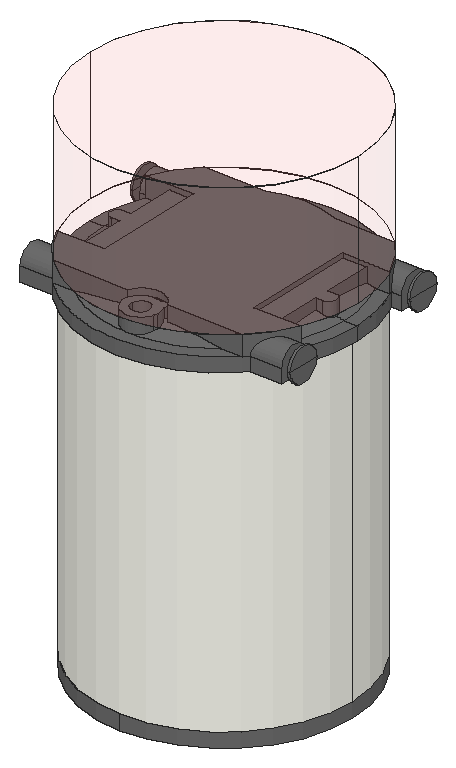
Revit family (continued)
Definition of nested family "Cooling_Plant_Accessories-Calmac-IceBank-Lid_C-75"
  Dimensions and locks (in)
    aligned and locked: curve 125 to cut or joined group of Revolve 1, Extrusion 2, Extrusion 4
    aligned and locked: curve 126 to cut or joined group of Revolve 1, Extrusion 2, Extrusion 4
    aligned and locked: curve 127 to cut or joined group of Revolve 1, Extrusion 2, Extrusion 4
    aligned and locked: curve 128 to cut or joined group of Revolve 1, Extrusion 2, Extrusion 4
    aligned and locked: curve 129 to cut or joined group of Revolve 1, Extrusion 2, Extrusion 4
    aligned and locked: curve 130 to Extrusion 5
    aligned and locked: curve 131 to Extrusion 5
    aligned and locked: curve 132 to Extrusion 5
    aligned and locked: curve 133 to Extrusion 5
    aligned and locked: curve 134 to Extrusion 5
    aligned and locked: curve 135 to Extrusion 5
    aligned and locked: curve 136 to Extrusion 5
    aligned and locked: curve 137 to Extrusion 5
    aligned and locked: curve 138 to cut or joined group of Revolve 1, Extrusion 2, Extrusion 4
    aligned and locked: curve 139 to cut or joined group of Revolve 1, Extrusion 2, Extrusion 4
    aligned and locked: curve 140 to curve 138
    aligned and locked: curve 141 to curve 139
    aligned and locked: curve 142 to curve 128
    aligned and locked: curve 143 to curve 127
    aligned and locked: curve 144 to cut or joined group of Revolve 1, Extrusion 2, Extrusion 4
    aligned and locked: curve 145 to cut or joined group of Revolve 1, Extrusion 2, Extrusion 4
    aligned and locked: curve 146 to cut or joined group of Revolve 1, Extrusion 2, Extrusion 4
    aligned and locked: curve 147 to cut or joined group of Revolve 1, Extrusion 2, Extrusion 4
    aligned and locked: curve 148 to cut or joined group of Revolve 1, Extrusion 2, Extrusion 4
    aligned and locked: curve 149 to cut or joined group of Revolve 1, Extrusion 2, Extrusion 4
    aligned and locked: curve 150 to cut or joined group of Revolve 1, Extrusion 2, Extrusion 4
    aligned and locked: cut or joined group of Revolve 1, Extrusion 2, Extrusion 4 to curve 151
    aligned and locked: curve 152 to cut or joined group of Revolve 1, Extrusion 2, Extrusion 4
    aligned and locked: curve 153 to cut or joined group of Revolve 1, Extrusion 2, Extrusion 4
    aligned and locked: curve 154 to cut or joined group of Revolve 1, Extrusion 2, Extrusion 4
    aligned and locked: curve 155 to cut or joined group of Revolve 1, Extrusion 2, Extrusion 4
    aligned and locked: curve 156 to cut or joined group of Revolve 1, Extrusion 2, Extrusion 4
    aligned and locked: curve 157 to cut or joined group of Revolve 1, Extrusion 2, Extrusion 4
    aligned and locked: curve 158 to cut or joined group of Revolve 1, Extrusion 2, Extrusion 4
    aligned and locked: cut or joined group of Revolve 1, Extrusion 2, Extrusion 4 to curve 159
    aligned and locked: curve 160 to cut or joined group of Revolve 1, Extrusion 2, Extrusion 4
    aligned and locked: curve 161 to cut or joined group of Revolve 1, Extrusion 2, Extrusion 4
    aligned and locked: curve 162 to cut or joined group of Revolve 1, Extrusion 2, Extrusion 4
    aligned and locked: cut or joined group of Revolve 1, Extrusion 2, Extrusion 4 to curve 163
    aligned and locked: curve 164 to cut or joined group of Revolve 1, Extrusion 2, Extrusion 4
    aligned and locked: cut or joined group of Revolve 1, Extrusion 2, Extrusion 4 to curve 165
    aligned and locked: curve 166 to cut or joined group of Revolve 1, Extrusion 2, Extrusion 4
    aligned and locked: cut or joined group of Revolve 1, Extrusion 2, Extrusion 4 to curve 167
    aligned and locked: curve 168 to cut or joined group of Revolve 1, Extrusion 2, Extrusion 4
    aligned and locked: curve 169 to cut or joined group of Revolve 1, Extrusion 2, Extrusion 4
    aligned and locked: curve 170 to cut or joined group of Revolve 1, Extrusion 2, Extrusion 4
    aligned and locked: curve 171 to cut or joined group of Revolve 1, Extrusion 2, Extrusion 4
    aligned and locked: curve 172 to cut or joined group of Revolve 1, Extrusion 2, Extrusion 4
    aligned and locked: curve 173 to cut or joined group of Revolve 1, Extrusion 2, Extrusion 4
    aligned and locked: curve 174 to cut or joined group of Revolve 1, Extrusion 2, Extrusion 4
    aligned and locked: curve 175 to cut or joined group of Revolve 1, Extrusion 2, Extrusion 4
    aligned and locked: cut or joined group of Revolve 1, Extrusion 2, Extrusion 4 to curve 176
    aligned and locked: cut or joined group of Revolve 1, Extrusion 2, Extrusion 4 to curve 177
    aligned and locked: cut or joined group of Revolve 1, Extrusion 2, Extrusion 4 to curve 178
    aligned and locked: cut or joined group of Revolve 1, Extrusion 2, Extrusion 4 to curve 179
    aligned and locked: cut or joined group of Revolve 1, Extrusion 2, Extrusion 4 to curve 180
    aligned and locked: cut or joined group of Revolve 1, Extrusion 2, Extrusion 4 to curve 181
    aligned and locked: cut or joined group of Revolve 1, Extrusion 2, Extrusion 4 to curve 182
    aligned and locked: cut or joined group of Revolve 1, Extrusion 2, Extrusion 4 to curve 183
    aligned and locked: Masking region 3 sketch curve to curve 140  (x2)
    aligned and locked: Masking region 3 sketch curve to curve 141
    aligned and locked: nested 1 to plane 6 "Back Connector Center"
    aligned: nested 1 to plane 45 "Connection Sleeve Right"
    aligned and locked: plane 16 "Fron Connector Center" to nested 2
    aligned: nested 2 to plane 45 "Connection Sleeve Right"
    aligned: nested 3 to plane 44 "Connection Sleeve Left"
    aligned and locked: nested 3 to plane 16 "Fron Connector Center"
    aligned: nested 4 to plane 44 "Connection Sleeve Left"
    aligned and locked: plane 6 "Back Connector Center" to nested 4
    aligned: plane 42 "Connector Center(Elevation)" to nested 4
    aligned: plane 42 "Connector Center(Elevation)" to nested 3
    aligned: plane 42 "Connector Center(Elevation)" to nested 1
    aligned: plane 42 "Connector Center(Elevation)" to nested 2
    aligned and locked: plane 34 "Right" to curve 184
    aligned and locked: plane 26 "Left" to curve 184
    aligned and locked: plane 1 "Center (Front/Back)" to curve 184
    aligned and locked: curve 163 to plane 41 "Top"
    aligned and locked: plane 4 "Back" to curve 185
    aligned and locked: plane 14 "Front" to curve 185
    aligned and locked: plane 3 "Center (Left/Right)" to curve 185
    aligned and locked: plane 41 "Top" to curve 183
    aligned and locked: plane 41 "Top" to curve 186
    aligned and locked: curve 186 to plane 3 "Center (Left/Right)"
    aligned and locked: plane 2 "Bottom" to curve 186
    aligned and locked: plane 1 "Center (Front/Back)" to curve 186
    aligned and locked: Masking region 3 sketch curve to plane 5 "Back Connector Back"
    aligned and locked: plane 45 "Connection Sleeve Right" to Masking region 3 sketch curve
    aligned and locked: Masking region 3 sketch curve to plane 45 "Connection Sleeve Right"
    aligned and locked: Extrusion 3 to Masking region 3 sketch curve
    aligned and locked: Masking region 3 sketch curve to plane 15 "Front Connection Front"  (x2)
    aligned and locked: plane 44 "Connection Sleeve Left" to Masking region 3 sketch curve
    aligned and locked: Masking region 3 sketch curve to plane 44 "Connection Sleeve Left"
    aligned and locked: plane 5 "Back Connector Back" to Masking region 3 sketch curve
    aligned: plane 3 "Center (Left/Right)" to nested 5
    aligned and locked: plane 1 "Center (Front/Back)" to nested 5
    aligned: plane 58 "T.O. Clearance Box" to nested 5  (x2)
    aligned: plane 41 "Top" to nested 5
    aligned and locked: nested 2 to plane 59 "Right Connector Face"
    aligned and locked: nested 1 to plane 59 "Right Connector Face"
    aligned and locked: nested 3 to plane 60 "Left Connector Face"
    aligned and locked: nested 4 to plane 60 "Left Connector Face"
    aligned and locked: plane 62 "Sleeve Right" to Extrusion 3
    aligned and locked: plane 61 "Sleeve Left" to Extrusion 3
    aligned and locked: Masking region 3 sketch curve to plane 61 "Sleeve Left"
    aligned and locked: plane 7 "Back Connector Front" to Masking region 3 sketch curve
    aligned and locked: Masking region 3 sketch curve to plane 17 "Front Connector Back"  (x2)
    aligned and locked: plane 61 "Sleeve Left" to Masking region 3 sketch curve
    aligned and locked: plane 62 "Sleeve Right" to Masking region 3 sketch curve
    aligned and locked: Masking region 3 sketch curve to plane 62 "Sleeve Right"
    aligned and locked: Masking region 3 sketch curve to plane 7 "Back Connector Front"
    aligned and locked: plane 42 "Connector Center(Elevation)" to curve 103
    aligned and locked: plane 54 "Right Tunnel Ref" to curve 104
    aligned and locked: curve 105 to plane 55 "Left Tunnel Ref"
    aligned and locked: plane 45 "Connection Sleeve Right" to curve 114
    aligned and locked: plane 41 "Top" to curve 176
    aligned and locked: plane 42 "Connector Center(Elevation)" to curve 176
    aligned and locked: plane 42 "Connector Center(Elevation)" to curve 158
    aligned and locked: plane 41 "Top" to curve 182
    aligned and locked: plane 42 "Connector Center(Elevation)" to curve 177
    aligned and locked: plane 41 "Top" to curve 177
    aligned and locked: plane 41 "Top" to curve 178
    aligned and locked: plane 42 "Connector Center(Elevation)" to curve 178
    aligned and locked: plane 42 "Connector Center(Elevation)" to curve 144
    aligned and locked: plane 41 "Top" to curve 180
    aligned and locked: plane 41 "Top" to curve 179
    aligned and locked: plane 42 "Connector Center(Elevation)" to curve 179
    aligned and locked: plane 41 "Top" to curve 181
    aligned and locked: plane 42 "Connector Center(Elevation)" to curve 181
    aligned and locked: nested 5 to plane 41 "Top"
    aligned and locked: plane 58 "T.O. Clearance Box" to nested 5
    aligned and locked: plane 42 "Connector Center(Elevation)" to nested 1
    aligned and locked: plane 42 "Connector Center(Elevation)" to nested 2
    aligned and locked: plane 42 "Connector Center(Elevation)" to nested 4
    aligned and locked: plane 42 "Connector Center(Elevation)" to nested 3
  Automatic sketch dimensions
    Extrusion 4 sketch curve to plane 9 "Rigging Back" = 0' - 0"
    plane 40 "Top Right" to Extrusion 2 sketch curve = 0' - 4.0663"
    plane 3 "Center (Left/Right)" to Extrusion 2 sketch curve = 0' - 0.00163"
    plane 24 "Pad Eye Front Center" to Extrusion 2 sketch curve = 0' - 0.19621"
    plane 10 "Rigging Loop Back" to Extrusion 2 sketch curve = 0' - 1.54805"
    Extrusion 2 sketch curve to Extrusion 2 sketch curve = 0' - 0"  (x2)
    plane 36 "Right Rigging Loop Right" to Extrusion 2 sketch curve = 0' - 4.88399"
    plane 24 "Pad Eye Front Center" to Extrusion 5 sketch curve = 0' - 0.02333"
    plane 24 "Pad Eye Front Center" to Extrusion 5 sketch curve = 0' - 0.02277"
    Extrusion 5 sketch curve to Extrusion 5 sketch curve = 0' - 0.36824"
    Extrusion 5 sketch curve to Extrusion 5 sketch curve = 0' - 0.36835"
    Extrusion 5 sketch curve to Extrusion 5 sketch curve = 0' - 0"  (x2)
    Masking region 3 sketch curve to Masking region 3 sketch curve = 0' - 0"  (x2)
    Masking region 3 sketch curve to plane 44 "Connection Sleeve Left" = 0' - 0"
    Masking region 3 sketch curve to Masking region 3 sketch curve = 0' - 0.43383"
    curve 112 to plane 43 "Connector Channel Top" = 0' - 0"
    curve 120 to level = 0' - 0"
    curve 113 to level = 0' - 0"
    curve 117 to level = 0' - 0"
    curve 114 to level = 0' - 0"
    curve 104 to plane 41 "Top" = 0' - 0"
    curve 109 to plane 41 "Top" = 0' - 0"
    curve 108 to plane 41 "Top" = 0' - 0"
    curve 105 to plane 41 "Top" = 0' - 0"
    curve 109 to curve 112 = 0' - 0.56869"
    plane 3 "Center (Left/Right)" to curve 115 = 0' - 0"
    curve 112 to curve 108 = 0' - 0.57194"
    plane 36 "Right Rigging Loop Right" to curve 116 = 0' - 0.0067"
    plane 42 "Connector Center(Elevation)" to curve 116 = 0' - 0.04774"
    curve 111 to curve 108 = 0' - 0.56061"
    plane 41 "Top" to curve 115 = 0' - 8.77139"
    curve 50 to plane 47 "Bolt Inset Right" = 0' - 0"
    curve 49 to plane 3 "Center (Left/Right)" = 0' - 0"
    curve 125 to plane 8 "Piping Back" = 0' - 0"
    plane 19 "Rigging Front" to curve 129 = 0' - 0"
    plane 4 "Back" to curve 50 = 0' - 0"
    plane 49 "Bolt Inset Center" to curve 49 = 0' - 0"
    plane 34 "Right" to curve 68 = 0' - 0.05975"
    plane 34 "Right" to curve 71 = 0' - 0.05975"
    plane 33 "Right Connection" to curve 69 = 0' - 0.05346"
    plane 33 "Right Connection" to curve 67 = 0' - 0.05346"
    plane 52 "Right Side Chanel" to curve 71 = 0' - 0.58177"
    plane 52 "Right Side Chanel" to curve 66 = 0' - 0.58177"
    plane 52 "Right Side Chanel" to curve 66 = 0' - 0.71351"
    plane 52 "Right Side Chanel" to curve 70 = 0' - 0.71351"
    plane 52 "Right Side Chanel" to curve 74 = 0' - 0.72576"
    plane 52 "Right Side Chanel" to curve 99 = 0' - 0.72576"
    plane 52 "Right Side Chanel" to curve 69 = 0' - 0.84524"
    plane 52 "Right Side Chanel" to curve 67 = 0' - 0.84524"
    curve 72 to plane 57 "Right Tunnel Ref Center" = 0' - 0.39515"
    curve 62 to plane 57 "Right Tunnel Ref Center" = 0' - 0.35589"
    plane 35 "Lid Inset Right" to curve 99 = 0' - 0.20973"
    plane 35 "Lid Inset Right" to curve 74 = 0' - 0.20973"
    curve 99 to curve 60 = 0' - 0.00797"
    plane 35 "Lid Inset Right" to curve 60 = 0' - 0.4131"
    plane 35 "Lid Inset Right" to curve 73 = 0' - 0.58321"
    curve 60 to curve 61 = 0' - 0.19232"
    plane 35 "Lid Inset Right" to curve 73 = 0' - 0.95668"
    curve 61 to plane 51 "Top Right Inset" = 0' - 0.97408"
    plane 21 "Top Front Edge" to curve 97 = 0' - 0.02024"
    plane 46 "Right Center" to curve 97 = 0' - 0.08642"
    plane 46 "Right Center" to curve 65 = 0' - 0.10857"
    plane 8 "Piping Back" to curve 64 = 0' - 0.58462"
    plane 46 "Right Center" to curve 64 = 0' - 1.33334"
    plane 18 "Piping Front" to curve 97 = 0' - 0.54429"
    plane 46 "Right Center" to curve 97 = 0' - 1.33764"
    plane 46 "Right Center" to curve 63 = 0' - 1.63906"
    curve 98 to plane 24 "Pad Eye Front Center" = 0' - 0.7003"
    plane 46 "Right Center" to curve 98 = 0' - 1.64225"
    curve 96 to plane 23 "Pad Eye Hole" = 0' - 0.03387"
    curve 96 to curve 96 = 0' - 0.77791"
    curve 64 to curve 64 = 0' - 0.79088"
    plane 21 "Top Front Edge" to curve 98 = 0' - 0 5/16"
    curve 64 to plane 39 "Right Rigging Left" = 0' - 0.70964"
    curve 93 to plane 22 "Front Inset" = 0' - 1.49486"
    curve 93 to plane 40 "Top Right" = 0' - 3.68687"
    plane 49 "Bolt Inset Center" to curve 53 = 0' - 0.44475"
    curve 53 to plane 40 "Top Right" = 0' - 3.66499"
    plane 22 "Front Inset" to curve 93 = 0' - 0.38295"
    curve 93 to curve 93 = 0' - 0.66239"
    plane 12 "Back Inset" to curve 53 = 0' - 0.51617"
    curve 53 to curve 53 = 0' - 0.66892"
    plane 22 "Front Inset" to curve 94 = 0' - 0.0503"
    curve 93 to curve 94 = 0' - 0.94305"
    plane 12 "Back Inset" to curve 52 = 0' - 0.18178"
    curve 53 to curve 52 = 0' - 0.94262"
    curve 95 to plane 40 "Top Right" = 0' - 1 205/256"
    curve 51 to plane 49 "Bolt Inset Center" = 0' - 0.21117"
    curve 51 to plane 40 "Top Right" = 0' - 1.7752"
    curve 94 to plane 22 "Front Inset" = 0' - 0.28236"
    curve 51 to plane 12 "Back Inset" = 0' - 0.1526"
    curve 165 to curve 132 = 0' - 1.92013"
    curve 126 to plane 18 "Piping Front" = 0' - 0.51914"  (x2)
    curve 164 to curve 163 = 0' - 0.30497"
    curve 173 to curve 125 = 0' - 1.35639"
    curve 55 to plane 12 "Back Inset" = 0' - 0.20247"
    curve 55 to plane 32 "Top Left" = 0' - 1.1267"
    curve 88 to plane 22 "Front Inset" = 0' - 0.28236"
    curve 88 to plane 32 "Top Left" = 0' - 1.13838"
    curve 56 to plane 49 "Bolt Inset Center" = 0' - 0.27827"
    curve 56 to plane 32 "Top Left" = 0' - 1.78316"
    curve 89 to plane 32 "Top Left" = 0' - 1.81788"
    plane 12 "Back Inset" to curve 55 = 0' - 0.12568"
    curve 55 to curve 55 = 0' - 0.9448"
    plane 22 "Front Inset" to curve 88 = 0' - 0.0503"
    curve 88 to curve 88 = 0' - 0.94305"
    plane 12 "Back Inset" to curve 54 = 0' - 0.45384"
    plane 22 "Front Inset" to curve 87 = 0' - 0.38295"
    plane 49 "Bolt Inset Center" to curve 54 = 0' - 0.39092"
    curve 54 to curve 54 = 0' - 0.65198"
    curve 87 to plane 22 "Front Inset" = 0' - 1.54109"
    curve 89 to curve 87 = 0' - 1.8853"
    curve 59 to plane 31 "Left Rigging Right" = 0' - 0.73306"
    plane 21 "Top Front Edge" to curve 85 = 0' - 0 5/16"
    curve 85 to plane 31 "Left Rigging Right" = 0' - 0.73601"
    curve 85 to plane 23 "Pad Eye Hole" = 0' - 0.03387"
    curve 85 to curve 85 = 0' - 0.77791"
    curve 58 to curve 58 = 0' - 0.80477"  (x2)
    curve 59 to plane 31 "Left Rigging Right" = 0' - 1.92107"
    curve 86 to plane 24 "Pad Eye Front Center" = 0' - 0.7403"
    curve 86 to plane 31 "Left Rigging Right" = 0' - 2 5/256"
    plane 18 "Piping Front" to curve 85 = 0' - 0.54429"
    plane 8 "Piping Back" to curve 58 = 0' - 0.67433"
    curve 58 to curve 57 = 0' - 1.17992"
    curve 84 to plane 21 "Top Front Edge" = 0' - 0.0179"
    curve 86 to curve 84 = 0' - 1.55432"
    plane 27 "Left Lip Inset" to curve 76 = 0' - 0.96143"
    curve 101 to plane 19 "Rigging Front" = 0' - 0.45769"
    plane 27 "Left Lip Inset" to curve 101 = 0' - 0.96143"
    curve 100 to curve 161 = 0' - 0.21853"
    plane 27 "Left Lip Inset" to curve 101 = 0' - 0.58796"
    plane 27 "Left Lip Inset" to curve 76 = 0' - 0.58796"
    plane 27 "Left Lip Inset" to curve 102 = 0' - 0.21448"
    plane 27 "Left Lip Inset" to curve 76 = 0' - 0.21448"
    curve 75 to plane 56 "Left Tunnel Ref Center" = 0' - 0.3904"
    curve 100 to plane 19 "Rigging Front" = 0' - 0.01575"
    curve 100 to plane 56 "Left Tunnel Ref Center" = 0' - 0.3904"
    plane 53 "Left Side Channel" to curve 83 = 0' - 0.84999"
    plane 53 "Left Side Channel" to curve 79 = 0' - 0.84999"
    plane 53 "Left Side Channel" to curve 77 = 0' - 0.73051"
    plane 53 "Left Side Channel" to curve 102 = 0' - 0.73051"
    plane 53 "Left Side Channel" to curve 79 = 0' - 0.71826"
    plane 53 "Left Side Channel" to curve 82 = 0' - 0.71826"
    plane 53 "Left Side Channel" to curve 80 = 0' - 0.58652"
    plane 53 "Left Side Channel" to curve 82 = 0' - 0.58652"
    plane 25 "Left Connection" to curve 78 = 0' - 0.05821"
    plane 25 "Left Connection" to curve 83 = 0' - 0.05821"
    plane 26 "Left" to curve 80 = 0' - 0.0645"
    plane 26 "Left" to curve 81 = 0' - 0.0645"
    plane 4 "Back" to curve 48 = 0' - 0.01364"
    curve 59 to curve 57 = 0' - 2.79764"
    curve 63 to curve 64 = 0' - 2.87284"
    curve 57 to curve 58 = 0' - 1.59891"
    curve 65 to curve 65 = 0' - 1.58211"
    plane 8 "Piping Back" to curve 58 = 0' - 1.86209"
    plane 8 "Piping Back" to curve 64 = 0' - 1.80912"
    curve 72 to plane 9 "Rigging Back" = 0' - 0.53489"
    curve 75 to plane 9 "Rigging Back" = 0' - 0.53489"
    curve 72 to plane 9 "Rigging Back" = 0' - 1.27856"
    curve 75 to plane 9 "Rigging Back" = 0' - 1.27856"
    curve 72 to curve 73 = 0' - 0.92764"
    curve 75 to curve 76 = 0' - 0.92764"
    curve 77 to curve 76 = 0' - 0.74367"
    curve 74 to curve 73 = 0' - 0.74367"
    plane 10 "Rigging Loop Back" to curve 69 = 0' - 3.7979"
    plane 10 "Rigging Loop Back" to curve 78 = 0' - 3.7979"
    curve 69 to curve 69 = 0' - 0.26232"
    curve 78 to curve 79 = 0' - 0.26232"
    curve 69 to curve 70 = 0' - 0.99128"
    curve 78 to curve 79 = 0' - 0.99128"
    plane 10 "Rigging Loop Back" to curve 71 = 0' - 1.81533"
    plane 10 "Rigging Loop Back" to curve 80 = 0' - 1.81533"
    plane 20 "Rigging Loop Front" to curve 68 = 0' - 1.55302"
    plane 20 "Rigging Loop Front" to curve 82 = 0' - 1.55302"
    plane 20 "Rigging Loop Front" to curve 81 = 0' - 1.81533"
    plane 20 "Rigging Loop Front" to curve 68 = 0' - 1.81533"
    curve 66 to curve 66 = 0' - 0.99128"
    curve 81 to curve 82 = 0' - 0.99128"
    curve 66 to curve 67 = 0' - 0.26232"
    curve 83 to curve 83 = 0' - 0.26232"
    curve 99 to plane 19 "Rigging Front" = 0' - 3.13384"
    curve 99 to curve 61 = 0' - 0.01104"
    curve 60 to curve 60 = 0' - 0.69763"
    curve 99 to curve 99 = 0' - 0.74367"
    curve 102 to curve 100 = 0' - 1.85528"
    curve 60 to curve 61 = 0' - 0.22433"
    curve 102 to plane 19 "Rigging Front" = 0' - 1.87103"
    curve 62 to plane 19 "Rigging Front" = 0' - 0.50327"
    plane 14 "Front" to curve 92 = 0' - 1.8675"
    plane 14 "Front" to curve 95 = 0' - 1.65483"
    plane 14 "Front" to curve 89 = 0' - 1.60633"
    curve 90 to plane 14 "Front" = 0' - 0.12249"
    curve 92 to plane 14 "Front" = 0' - 0.12494"
    curve 183 to plane 18 "Piping Front" = 0' - 0"
    curve 182 to plane 42 "Connector Center(Elevation)" = 0' - 0"
    curve 183 to plane 42 "Connector Center(Elevation)" = 0' - 0"
    curve 182 to plane 12 "Back Inset" = 0' - 6.98603"
    curve 177 to plane 18 "Piping Front" = 0' - 0"
    curve 176 to plane 8 "Piping Back" = 0' - 0"
    curve 180 to plane 9 "Rigging Back" = 0' - 0"
    curve 180 to plane 42 "Connector Center(Elevation)" = 0' - 0"
    plane 16 "Fron Connector Center" to curve 181 = 0' - 5 1/4"
    curve 179 to plane 19 "Rigging Front" = 0' - 0"
    curve 178 to plane 9 "Rigging Back" = 0' - 0"
    curve 20 to curve 26 = 0' - 0"  (x2)
    curve 20 to curve 30 = 0' - 0"  (x2)
    curve 20 to curve 33 = 0' - 0"  (x2)
    curve 20 to curve 34 = 0' - 0"  (x2)
    curve 20 to curve 44 = 0' - 0"  (x2)
    curve 20 to curve 45 = 0' - 0"  (x2)
    curve 20 to curve 46 = 0' - 0"  (x2)
    curve 20 to curve 47 = 0' - 0"  (x2)
    curve 20 to curve 140 = 0' - 0"  (x2)
    curve 20 to curve 142 = 0' - 0"  (x2)
    curve 20 to curve 143 = 0' - 0"
    curve 20 to curve 146 = 0' - 0"  (x2)
    curve 20 to curve 150 = 0' - 0"  (x2)
    curve 20 to curve 154 = 0' - 0"  (x2)
    curve 20 to curve 158 = 0' - 0"  (x2)
    curve 26 to plane 57 "Right Tunnel Ref Center" = 0' - 0"
    curve 29 to plane 57 "Right Tunnel Ref Center" = 0' - 0"
    curve 153 to plane 45 "Connection Sleeve Right" = 0' - 0"
    plane 1 "Center (Front/Back)" to curve 37 = 0' - 0"
    plane 20 "Rigging Loop Front" to curve 37 = 0' - 0"
    curve 155 to plane 8 "Piping Back" = 0' - 0"
    curve 155 to plane 38 "Right Rigging Loop Left" = 0' - 0"
    curve 36 to plane 38 "Right Rigging Loop Left" = 0' - 0"
    curve 32 to plane 38 "Right Rigging Loop Left" = 0' - 0"
    plane 18 "Piping Front" to curve 149 = 0' - 0"
    plane 18 "Piping Front" to curve 150 = 0' - 0"
    curve 154 to plane 8 "Piping Back" = 0' - 0"
    curve 151 to plane 39 "Right Rigging Left" = 0' - 0"
    curve 156 to plane 40 "Top Right" = 0' - 0"
    curve 156 to plane 3 "Center (Left/Right)" = 0' - 0"
    plane 18 "Piping Front" to curve 148 = 0' - 0"
    curve 19 to plane 8 "Piping Back" = 0' - 0"
    curve 22 to plane 31 "Left Rigging Right" = 0' - 0"
    curve 19 to plane 55 "Left Tunnel Ref" = 0' - 0"
    curve 158 to plane 8 "Piping Back" = 0' - 0"
    curve 147 to plane 55 "Left Tunnel Ref" = 0' - 0"
    curve 39 to plane 10 "Rigging Loop Back" = 0' - 0"
    curve 39 to plane 30 "Left Rigging Loop Right" = 0' - 0"
    curve 43 to plane 30 "Left Rigging Loop Right" = 0' - 0"
    plane 1 "Center (Front/Back)" to curve 41 = 0' - 0"
    plane 35 "Lid Inset Right" to curve 143 = 0' - 0.00039"
    curve 47 to plane 37 "Right Rigging Loop Inset" = 0' - 1.48966"
    curve 37 to plane 37 "Right Rigging Loop Inset" = 0' - 1.25367"
    plane 38 "Right Rigging Loop Left" to curve 149 = 0' - 0.01509"
    curve 34 to plane 39 "Right Rigging Left" = 0' - 1.24396"
    plane 40 "Top Right" to curve 148 = 0' - 4.0663"
    plane 3 "Center (Left/Right)" to curve 148 = 0' - 0.00163"
    curve 44 to plane 31 "Left Rigging Right" = 0' - 1.24396"
    plane 55 "Left Tunnel Ref" to curve 157 = 0' - 0.41423"
    curve 41 to plane 29 "Left Rigging Loop Inset" = 0' - 1.24992"
    curve 46 to plane 29 "Left Rigging Loop Inset" = 0' - 1.49441"
    plane 27 "Left Lip Inset" to curve 159 = 0' - 0.17459"
    plane 27 "Left Lip Inset" to curve 142 = 0' - 0.00039"
    plane 10 "Rigging Loop Back" to curve 156 = 0' - 1.54805"
    curve 142 to plane 1 "Center (Front/Back)" = 0' - 0.161"
    plane 24 "Pad Eye Front Center" to curve 148 = 0' - 0.19621"
    curve 6 to plane 20 "Rigging Loop Front" = 0' - 0"
    curve 5 to plane 12 "Back Inset" = 0' - 0"
    level to curve 16 = 0' - 0"
    level to curve 2 = 0' - 0"
    level to curve 15 = 0' - 0"
    level to curve 3 = 0' - 0"
    curve 7 to plane 41 "Top" = 0' - 0"
    curve 4 to plane 41 "Top" = 0' - 0"
    curve 12 to plane 41 "Top" = 0' - 0"
    curve 17 to plane 41 "Top" = 0' - 0"
    plane 22 "Front Inset" to curve 18 = 0' - 0.00227"
    curve 10 to curve 9 = 0' - 0.5091"
    curve 8 to curve 8 = 0' - 1.24396"
    curve 124 to plane 8 "Piping Back" = 0' - 0"
    curve 122 to plane 43 "Connector Channel Top" = 0' - 0"
    curve 123 to plane 1 "Center (Front/Back)" = 0' - 0.00127"
    plane 10 "Rigging Loop Back" to curve 123 = 0' - 0.00253"
    curve 124 to plane 8 "Piping Back" = 0' - 1.95677"
    curve 124 to plane 42 "Connector Center(Elevation)" = 0' - 1.1899"
    curve 124 to plane 42 "Connector Center(Elevation)" = 0' - 1.13321"
    curve 122 to plane 42 "Connector Center(Elevation)" = 0' - 0.88175"
    curve 123 to plane 41 "Top" = 0' - 0.04924"
  Nested families (in)
    nested 1: "Cooling_Plant_Accessories-Calmac-Icebank-4-Inch Flanged Connection" at (35.83203, 20.5, 3.75), Pipe Material <- "Pipe Material", visible <- "Is Back Right Flanged Connector Visible", type "Flanged Connection"
    nested 2: "Cooling_Plant_Accessories-Calmac-Icebank-4-Inch Flanged Connection" at (35.83203, -20.5, 3.75), Pipe Material <- "Pipe Material", visible <- "Is Front Right Flanged Connector Visible", type "Flanged Connection"
    nested 3: "Cooling_Plant_Accessories-Calmac-Icebank-4-Inch Flanged Connection" at (-35.83203, -20.5, 3.75) x (-1, 0, 0) z (0, 0, 1), Pipe Material <- "Pipe Material", visible <- "Is Front Left Flanged Connector Visible", type "Flanged Connection"
    nested 4: "Cooling_Plant_Accessories-Calmac-Icebank-4-Inch Flanged Connection" at (-35.83203, 20.5, 3.75) x (-1, 0, 0) z (0, 0, 1), Pipe Material <- "Pipe Material", visible <- "Is Back Left Flanged Connector Visible", type "Flanged Connection"
    nested 5: "Cooling_Plant_Accessories-Calmac-IceBankClearance Box" at (0.26977, 0, 15.25), CTRL Radius <- "CTRL Radius", visible <- "Is Clearance Box Visible", Height <- "Clearance Box Height", type "Include Clearance"
      with Width 6' - 1 3/8", Height 2' - 0", Depth 6' - 1 3/8", CTRL Radius 3' - 0 11/16"
  Definition of nested family "Cooling_Plant_Accessories-Calmac-Icebank-4-Inch Flanged Connection"
    Parameters (values of type "4"")
      Pipe Material [instance] = none
    Reference planes (in)
      plane 1 "Center (Front/Back)": y = 0
      plane 2 "Center (Elevation)": z = 0
      plane 3 "Center (Left/Right)": x = 0
      plane 4 "Back": y = 4.5
      plane 5 "Back Face": x = 1.79297
      plane 6 "Base Back": y = 2.25
      plane 7 "Fase Back": y = 3
      plane 8 "Front": y = -4.5
      plane 9 "Base Front": y = -2.25
      plane 10 "Face Front": y = -3
      plane 11 "Face": x = 2.41797
      plane 12 "T.O. Flange": z = 4.5
      plane 13 "T.O. Pipe": z = 2.25
      plane 14 "B.O. Flange": z = -4.5
      plane 15 "B.O. Pipe": z = -2.25
    Forms (in)
      Revolve 1, solid, material <- "Pipe Material", detail levels fine
        sketch origin (0, 0, 0) x (1, 0, 0) y (0, 1, 0)
          loop
            line (0, 2.25) -> (0, 0) -> (2.41797, 0) -> (2.41797, 4.5) -> (1.79297, 4.5) -> (1.79297, 2.25) -> (0, 2.25)
          axis (0, 0) -> (2.41797, 0)
        angle from 0 to 360
    Lines and regions (in)
      Masking region 1, detail levels fine
        outline origin (0, 0, 0) x (0, 1, 0) y (0, 0, 1)
          loop
            circle (0, 0) r 4.5
      Masking region 2, detail levels fine
        outline origin (0, 0, 0) x (1, 0, 0) y (0, 0, 1)
          loop
            line (2.41797, 4.5) -> (1.79297, 4.5) -> (1.79297, 2.25) -> (0, 2.25) -> (0, -2.25) -> (1.79297, -2.25) -> (1.79297, -4.5) -> (2.41797, -4.5) -> (2.41797, 4.5)
      Masking region 3, detail levels fine
        outline origin (0, 0, 0) x (1, 0, 0) y (0, 1, 0)
          loop
            line (0, 2.25) -> (0, -2.25) -> (1.79297, -2.25) -> (1.79297, -4.5) -> (2.41797, -4.5) -> (2.41797, 4.5) -> (1.79297, 4.5) -> (1.79297, 2.25) -> (0, 2.25)
      model lines, style "Piping", detail levels medium
        curve 1: line (0, 0, 0) -> (2.41797, 0, 0)
        curve 2: arc (2.41797, -4.5, 0) -> (2.41797, 0, 4.5) -> (2.41797, 4.5, 0) r 4.5
        curve 3: arc (2.41797, 4.5, 0) -> (2.41797, 0, -4.5) -> (2.41797, -4.5, 0) r 4.5
      symbolic lines, detail levels coarse+medium
        curve 4: line (0, 0, 0) -> (2.41797, 0, 0)
        curve 5: line (0, 0, 0) -> (2.41797, 0, 0)
    Dimensions and locks (in)
      locked: plane 4 "Back" to plane 7 "Fase Back" at 1.5
      locked: plane 4 "Back" to plane 6 "Base Back" at 2.25
      locked: plane 8 "Front" to plane 10 "Face Front" at 1.5
      locked: plane 8 "Front" to plane 9 "Base Front" at 2.25
      locked: plane 1 "Center (Front/Back)" to plane 6 "Base Back" at 2.25
      locked: plane 9 "Base Front" to plane 1 "Center (Front/Back)" at 2.25
      locked: plane 3 "Center (Left/Right)" to plane 11 "Face" at 2.41797
      locked: plane 5 "Back Face" to plane 11 "Face" at 0.625
      locked: plane 2 "Center (Elevation)" to plane 14 "B.O. Flange" at 4.5
      locked: plane 2 "Center (Elevation)" to plane 15 "B.O. Pipe" at 2.25
      locked: plane 12 "T.O. Flange" to plane 2 "Center (Elevation)" at 4.5
      locked: plane 12 "T.O. Flange" to plane 13 "T.O. Pipe" at 2.25
      aligned and locked: Revolve 1 sketch curve to plane 3 "Center (Left/Right)"
      aligned and locked: Revolve 1 sketch curve to plane 5 "Back Face"
      aligned and locked: Revolve 1 sketch curve to plane 11 "Face"
      aligned and locked: Revolve 1 sketch curve to plane 1 "Center (Front/Back)"
      aligned and locked: Revolve 1 sketch curve to plane 4 "Back"
      aligned and locked: Revolve 1 sketch curve to plane 6 "Base Back"
      aligned and locked: plane 1 "Center (Front/Back)" to Revolve 1 sketch curve  (x2)
      aligned and locked: plane 3 "Center (Left/Right)" to Revolve 1 sketch curve
      aligned and locked: Masking region 1 sketch curve to Revolve 1  (x2)
      aligned and locked: Masking region 2 sketch curve to Revolve 1  (x3)
      aligned and locked: Masking region 2 sketch curve to plane 5 "Back Face"
      aligned and locked: Masking region 2 sketch curve to plane 3 "Center (Left/Right)"
      aligned and locked: Masking region 3 sketch curve to plane 3 "Center (Left/Right)"
      aligned and locked: Masking region 3 sketch curve to plane 4 "Back"
      aligned and locked: Masking region 3 sketch curve to plane 6 "Base Back"
      aligned and locked: plane 9 "Base Front" to Masking region 3 sketch curve
      aligned and locked: plane 8 "Front" to Masking region 3 sketch curve
      aligned and locked: Masking region 3 sketch curve to plane 11 "Face"
      aligned and locked: Masking region 3 sketch curve to plane 5 "Back Face"  (x2)
      aligned and locked: plane 1 "Center (Front/Back)" to curve 1
      aligned and locked: plane 3 "Center (Left/Right)" to curve 1
      aligned and locked: curve 2 to Revolve 1
      aligned and locked: curve 3 to Revolve 1
      aligned and locked: plane 11 "Face" to curve 1
      aligned and locked: plane 11 "Face" to curve 4
      aligned and locked: plane 3 "Center (Left/Right)" to curve 4
      aligned and locked: plane 1 "Center (Front/Back)" to curve 4
      aligned and locked: plane 11 "Face" to curve 5
      aligned and locked: plane 3 "Center (Left/Right)" to curve 5
      aligned and locked: curve 5 to plane 2 "Center (Elevation)"
      aligned and locked: Masking region 2 to plane 12 "T.O. Flange"
      aligned and locked: plane 13 "T.O. Pipe" to Masking region 2
      aligned and locked: plane 2 "Center (Elevation)" to curve 1
      aligned and locked: plane 15 "B.O. Pipe" to Masking region 2
      aligned and locked: Masking region 2 to plane 14 "B.O. Flange"
  Definition of nested family "Cooling_Plant_Accessories-Calmac-IceBankClearance Box"
    Parameters (values of type "Include Clearance")
      Width [instance] = CTRL Radius * 2  # 7' - 5"
      Height [instance] = 3' - 0"
      Depth [instance] = Width  # 7' - 5"
      Clearance Material = Clearance
      CTRL Radius [instance] = 3' - 8 1/2"
      Assembly Code = ""
    Reference planes (in)
      plane 1 "Center (Front/Back)": y = 0
      plane 2 "Bottom": z = -6
      plane 3 "Center (Left/Right)": x = 0
      plane 4 "Top": z = 30
      plane 5 "Back": y = 44.5
      plane 6 "Left": x = -44.5
      plane 7 "Front": y = -44.5
      plane 8 "Right": x = 44.5
      plane 9 "Center (Elevation)": z = 12
    Forms (in)
      Extrusion 1, solid, material "Clearance" <- "Clearance Material"
        sketch origin (0, 0, 30) x (-1, 0, 0) y (0, -1, 0)
          loop
            circle (0, 0) r 44.5
        from -36 to 0
    Lines and regions (in)
      symbolic lines, style "Clearance"
        curve 1: line (-44.5, 0, 30) -> (44.5, 0, 30)
        curve 2: line (-44.5, 0, -6) -> (-44.5, 0, 30)
        curve 3: line (44.5, 0, -6) -> (-44.5, 0, -6)
        curve 4: line (44.5, 0, 30) -> (44.5, 0, -6)
        curve 5: line (0, -44.5, 30) -> (0, 44.5, 30)
        curve 6: line (0, -44.5, -6) -> (0, -44.5, 30)
        curve 7: line (0, 44.5, -6) -> (0, -44.5, -6)
        curve 8: line (0, 44.5, 30) -> (0, 44.5, -6)
        curve 9: circle (0, 0, 30) r 44.5 normal (0, 0, 1)
    Dimensions and locks (in)
      "Height": plane 4 "Top" to plane 2 "Bottom"
      "Depth": plane 5 "Back" to plane 7 "Front"
      "Width": plane 6 "Left" to plane 8 "Right"
      equal spacing: plane 6 "Left", plane 3 "Center (Left/Right)", plane 8 "Right"
      equal spacing: plane 5 "Back", plane 1 "Center (Front/Back)", plane 7 "Front"
      equal spacing: plane 4 "Top", plane 9 "Center (Elevation)", plane 2 "Bottom"
      "CTRL Radius": radius of Extrusion 1 sketch curve
      "CTRL Radius": radius of curve 9
      aligned: level to plane 2 "Bottom"
      aligned and locked: plane 3 "Center (Left/Right)" to Extrusion 1 sketch curve
      aligned and locked: plane 1 "Center (Front/Back)" to Extrusion 1 sketch curve
      aligned and locked: plane 3 "Center (Left/Right)" to curve 9
      aligned and locked: plane 1 "Center (Front/Back)" to curve 9
      aligned and locked: Extrusion 1 to plane 2 "Bottom"
      aligned and locked: plane 2 "Bottom" to curve 3
      aligned and locked: plane 2 "Bottom" to curve 7
      aligned and locked: plane 4 "Top" to Extrusion 1
      aligned and locked: curve 1 to plane 4 "Top"
      aligned and locked: curve 5 to plane 4 "Top"
      aligned and locked: curve 8 to plane 5 "Back"
      aligned and locked: curve 6 to plane 7 "Front"
      aligned and locked: curve 4 to plane 8 "Right"
      aligned and locked: curve 2 to plane 6 "Left"
